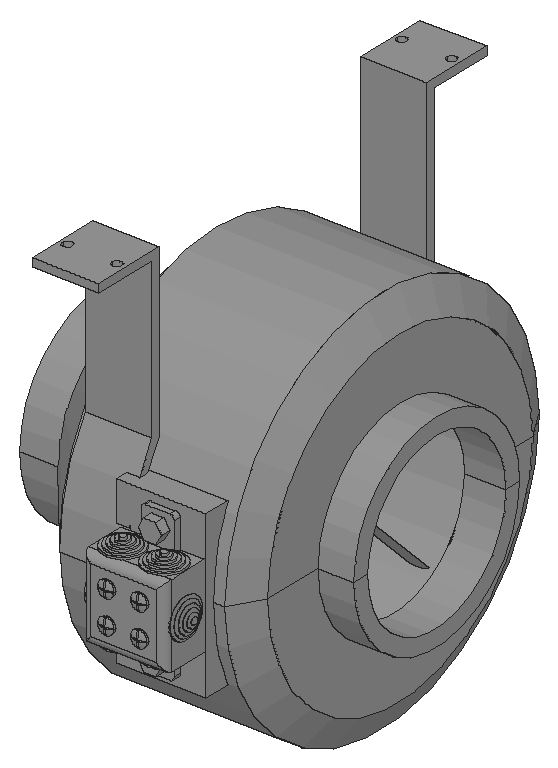
Revit family "ВКМц_Eng", category Mechanical Equipment, Revit 2021
Family settings
  Round Connector Dimension = Use Diameter
  Classification = None
  Part Type = Normal
  Work Plane-Based = No
  Always vertical = Yes
  Cut with Voids When Loaded = No
  Shared = No
  Room Calculation Point = No
Parameters (values of type "VKMz 125")
  Width = B1  # 293 mm
  Weight = 2.90 kg
  Voltage = 230 V
  Temperature of moving air = "-25...+55°C"
  Sound pressure level at 3 m distance = "46 dBA"
  Pressure_Static_Air = 0.0 Pa
  Power = 78 W
  Number of Fase = 1
  Maximum Air Flow [instance] = 92.0 L/s
  Load Classification = "HVAC"
  Length = L  # 202 mm
  Height = H1 + R1  # 287 mm
  Frequency = 50 Hz
  Diameter = Dy  # 125 mm
  Default Elevation = 0 mm
  Manufacturer = "Vents"  # constant formula
  URL = "https://ventilation-system.com/series/vkmz"
  Ry = Dy / 2  # 62.5 mm
  R2 = R1 + 5 mm  # 123.5 mm
  R1 = D1 / 2  # 118.5 mm
  L8 = L6 + 5 mm  # 92 mm
  L7 = L3 + 10 mm  # 40 mm
  L6 = L4 + 25 mm  # 87 mm
  L5 = L4 - 21.5 mm  # 40.5 mm
  L4 = L / 2 - L1 * 2 + 7 mm  # 62 mm
  L3 = 30 mm
  L2 = 22 mm
  L1 = 23 mm
  L = 202 mm
  H1 = D1 / 2 + 50 mm  # 168.5 mm
  Maintenance zone material = none
  Dy = 125 mm
  D2 = D1 - 25 mm  # 212 mm
  D1 = 237 mm
  Casing Material = Steel, galvanized
  B2 = B1 - 80 mm  # 213 mm
  B1 = 293 mm
  B = 253 mm
  Apparent Load = Amperage * Voltage  # 78.2 VA
  Amperage = 0.34 A
  Air Flow [instance] = 0.0 L/s
  09_System_Name [instance] = ""
  00_20_Type = "VKMz 125"
  00_20_Name = "Inline centrifugal fan"  # constant formula
  00_20_Manufacturer = "Vents"  # constant formula
Types (14, lengths in mm): name | Width | Weight | Temperature of moving air | Sound pressure level at 3 m distance | Power | Maximum Air Flow | Length | Height | Diameter | Ry | R2 | R1 | L8 | L7 | L6 | L5 | L4 | L3 | L2 | L1 | L | H1 | Dy | D2 | D1 | B2 | B1 | B | Apparent Load | Amperage | 00_20_Type
  (no name) | 293 | 2.90 kg | "-25...+55°C" | "46 dBA" | 78 W | 92.0 L/s | 202 | 287 | 125 | 62.5 | 123.5 | 118.5 | 92 | 40 | 87 | 40.5 | 62 | 30 | 22 | 23 | 202 | 168.5 | 125 | 212 | 237 | 213 | 293 | 253 | 78.2 VA | 0.34 A | "VKMz 125"
  VKMz 100 Q | 293 | 2.50 kg | "-25...+55°C" | "35 dBA" | 42 W | 64.0 L/s | 202 | 287 | 100 | 50 | 123.5 | 118.5 | 92 | 40 | 87 | 40.5 | 62 | 30 | 22 | 23 | 202 | 168.5 | 100 | 212 | 237 | 213 | 293 | 253 | 43.7 VA | 0.19 A | "VKMz 100 Q"
  VKMz 315 | 450 | 6.50 kg | "-25...+45°C" | "53 dBA" | 185 W | 428.0 L/s | 308 | 452 | 315 | 157.5 | 206 | 201 | 125 | 50 | 120 | 73.5 | 95 | 40 | 55 | 33 | 308 | 251 | 315 | 377 | 402 | 370 | 450 | 410 | 186.3 VA | 0.81 A | "VKMz 315"
  VKMz 100 | 293 | 2.80 kg | "-25...+55°C" | "46 dBA" | 62 W | 70.0 L/s | 202 | 287 | 100 | 50 | 123.5 | 118.5 | 92 | 40 | 87 | 40.5 | 62 | 30 | 22 | 23 | 202 | 168.5 | 100 | 212 | 237 | 213 | 293 | 253 | 64.4 VA | 0.28 A | "VKMz 100"
  VKMz 125 Q | 293 | 2.70 kg | "-25...+55°C" | "35 dBA" | 60 W | 64.0 L/s | 202 | 287 | 125 | 62.5 | 123.5 | 118.5 | 92 | 40 | 87 | 40.5 | 62 | 30 | 22 | 23 | 202 | 168.5 | 125 | 212 | 237 | 213 | 293 | 253 | 85.1 VA | 0.37 A | "VKMz 125 Q"
  VKMz 125 | 293 | 2.90 kg | "-25...+55°C" | "46 dBA" | 78 W | 92.0 L/s | 202 | 287 | 125 | 62.5 | 123.5 | 118.5 | 92 | 40 | 87 | 40.5 | 62 | 30 | 22 | 23 | 202 | 168.5 | 125 | 212 | 237 | 213 | 293 | 253 | 78.2 VA | 0.34 A | "VKMz 125"
  VKMz 150 | 330 | 3.20 kg | "-25...+50°C" | "44 dBA" | 64 W | 126.0 L/s | 170 | 324 | 150 | 75 | 142 | 137 | 82 | 40 | 77 | 30.5 | 52 | 30 | 20 | 20 | 170 | 187 | 150 | 249 | 274 | 250 | 330 | 290 | 66.7 VA | 0.29 A | "VKMz 150"
  VKMSz 150 | 395 | 4.80 kg | "-25...+60°C" | "48 dBA" | 127 W | 197.0 L/s | 230 | 395 | 150 | 75 | 177.5 | 172.5 | 112 | 50 | 107 | 60.5 | 82 | 40 | 20 | 20 | 230 | 222.5 | 150 | 320 | 345 | 315 | 395 | 355 | 128.8 VA | 0.56 A | "VKMSz 150"
  VKMz 160 | 334 | 3.20 kg | "-25...+55°C" | "46 dBA" | 78 W | 126.0 L/s | 200 | 328 | 160 | 80 | 144 | 139 | 87 | 40 | 82 | 35.5 | 57 | 30 | 23 | 25 | 200 | 189 | 160 | 253 | 278 | 254 | 334 | 294 | 78.2 VA | 0.34 A | "VKMz 160"
  VKMz 200 Q | 380 | 5.20 kg | "-25...+50°C" | "48 dBA" | 139 W | 233.0 L/s | 245 | 382 | 200 | 100 | 171 | 166 | 109.5 | 50 | 104.5 | 58 | 79.5 | 40 | 29 | 25 | 245 | 216 | 200 | 307 | 332 | 300 | 380 | 340 | 140.3 VA | 0.61 A | "VKMz 200 Q"
  VKMz 250 Q | 380 | 5.10 kg | "-25...+50°C" | "51 dBA" | 134 W | 272.0 L/s | 213 | 382 | 250 | 125 | 171 | 166 | 93.5 | 50 | 88.5 | 42 | 63.5 | 40 | 29 | 25 | 213 | 216 | 250 | 307 | 332 | 300 | 380 | 340 | 135.7 VA | 0.59 A | "VKMz 250 Q"
  VKMz 250 | 380 | 5.10 kg | "-25...+50°C" | "50 dBA" | 157 W | 278.0 L/s | 213 | 382 | 250 | 125 | 171 | 166 | 93.5 | 50 | 88.5 | 42 | 63.5 | 40 | 29 | 25 | 213 | 216 | 250 | 307 | 332 | 300 | 380 | 340 | 158.7 VA | 0.69 A | "VKMz 250"
  VKMz 315 Q | 450 | 6.50 kg | "-25...+50°C" | "52 dBA" | 151 W | 370.0 L/s | 308 | 452 | 315 | 157.5 | 206 | 201 | 125 | 50 | 120 | 73.5 | 95 | 40 | 55 | 33 | 308 | 251 | 315 | 377 | 402 | 370 | 450 | 410 | 151.8 VA | 0.66 A | "VKMz 315 Q"
  VKMz 200 | 380 | 5.20 kg | "-25...+50°C" | "50 dBA" | 157 W | 278.0 L/s | 245 | 382 | 200 | 100 | 171 | 166 | 109.5 | 50 | 104.5 | 58 | 79.5 | 40 | 29 | 25 | 245 | 216 | 200 | 307 | 332 | 300 | 380 | 340 | 158.7 VA | 0.69 A | "VKMz 200"
Reference planes
  plane 1 "По центру (Вперед/Назад)": y = 0
  plane 2: z = 0
  plane 3 "По центру (Влево/Вправо)": x = 0
  plane 4 "Вращение": z = -168.5
  plane 5 "Двигатель": y = -118.5
  plane 6: y = -126.5
  plane 7: y = 126.5
  plane 8: x = -92
  plane 9: x = -122
Forms (mm)
  Revolve 1, solid, material "Steel, galvanized"
    sketch origin (0, 0, -168.5) x (1, 0, 0) y (0, 1, 0)
      loop
        line (0, -52.5) -> (-24.889, -52.5) -> (-61.792, -108.5) -> (-121.172, -108.5) -> (-167, -52.5) -> (-202, -52.5) -> (-202, -62.5) -> (-179, -62.5) -> (-133.172, -118.5) -> (-32.981, -118.5) -> (-22, -100) -> (-22, -62.5) -> (0, -62.5) -> (0, -52.5)
      axis (0, 0) -> (-202, 0)
    angle from 0 to 360
  Extrusion 2, solid, material "Steel, galvanized"
    sketch origin (0, 0, 0) x (0, 1, 0) y (0, 0, 1)
      loop
        line (-107.435, -118.5) -> (-123.5, -118.5) -> (-123.5, -218.5) -> (-107.435, -218.5)
        arc (-107.435, -218.5) -> (-118.5, -168.5) -> (-107.435, -118.5) r 118.5
    from -94.5 to -40.5
  Extrusion 3, solid, material "Steel, galvanized"
    sketch origin (0, 0, 0) x (0, 1, 0) y (0, 0, 1)
      loop
        line (146.5, 0) -> (101.5, 0) -> (101.5, -112.625)
        arc (101.5, -112.625) -> (111.947, -139.699) -> (115.5, -168.5) r 118.5
        line (115.5, -168.5) -> (120.5, -168.5)
        arc (120.5, -168.5) -> (116.949, -139.098) -> (106.5, -111.386) r 123.5
        line (106.5, -111.386) -> (106.5, -5) -> (146.5, -5) -> (146.5, 0)
      loop
        line (-146.5, 0) -> (-146.5, -5) -> (-106.5, -5) -> (-106.5, -101.12)
        arc (-106.5, -101.12) -> (-121.394, -133.357) -> (-126.5, -168.5) r 123.5
        line (-126.5, -168.5) -> (-121.5, -168.5)
        arc (-121.5, -168.5) -> (-116.39, -134.076) -> (-101.5, -102.621) r 118.5
        line (-101.5, -102.621) -> (-101.5, 0) -> (-146.5, 0)
    from -127 to -87
  Extrusion 4, void
    sketch origin (0, 0, -168.5) x (1, 0, 0) y (0, 1, 0)
      loop
        circle (-122, 126.5) r 3
      loop
        circle (-92, 126.5) r 3
    from 163.5 to 168.5
  Extrusion 5, void
    sketch origin (0, 0, -168.5) x (1, 0, 0) y (0, 1, 0)
      loop
        circle (-122, -126.5) r 3
      loop
        circle (-92, -126.5) r 3
    from 163.5 to 168.5
Cuts and joins
  Extrusion 4, Extrusion 5 cuts Extrusion 3
Dimensions and locks
  "H1": plane 4 "Вращение" to level
  "Ry": Revolve 1 sketch curve to plane 1 "По центру (Вперед/Назад)"  (x2)
  "R1": Revolve 1 sketch curve to plane 1 "По центру (Вперед/Назад)"
  "L1": Revolve 1 sketch curve to Revolve 1 sketch curve
  "L2": Revolve 1 sketch curve to plane 3 "По центру (Влево/Вправо)"
  "L": Revolve 1 sketch curve to plane 3 "По центру (Влево/Вправо)"
  locked: Revolve 1 sketch curve to Revolve 1 sketch curve at 10  (x2)
  Revolve 1 sketch curve to Revolve 1 sketch curve = 10 mm
  "L4": plane 3 "По центру (Влево/Вправо)" to nested 1
  "L4": plane 3 "По центру (Влево/Вправо)" to nested 2
  "R1": plane 1 "По центру (Вперед/Назад)" to plane 5 "Двигатель"
  plane 4 "Вращение" to Extrusion 2 sketch curve = 50 mm  (x2)
  locked: plane 5 "Двигатель" to Extrusion 2 sketch curve at 5
  "L5": Extrusion 2 to plane 3 "По центру (Влево/Вправо)"
  locked: Extrusion 2 to Extrusion 2 at 54
  locked: Extrusion 2 to nested 3 at 28
  locked: level to Extrusion 3 sketch curve at 5
  locked: Extrusion 3 sketch curve to Extrusion 3 sketch curve at 5  (x3)
  equal spacing: Extrusion 3 sketch curve, plane 1 "По центру (Вперед/Назад)", Extrusion 3 sketch curve  (x2)
  "B1": Extrusion 3 sketch curve to Extrusion 3 sketch curve
  "L6": Extrusion 3 to plane 3 "По центру (Влево/Вправо)"
  equal spacing: plane 7, plane 1 "По центру (Вперед/Назад)", plane 6
  "B": plane 7 to plane 6
  "B2": Extrusion 3 sketch curve to Extrusion 3 sketch curve
  "L7": Extrusion 3 to Extrusion 3
  "L3": plane 9 to plane 8
  "L8": plane 8 to plane 3 "По центру (Влево/Вправо)"
  "R1": radius of Extrusion 2 sketch curve
  "R1": radius of Extrusion 3 sketch curve  (x2)
  "R2": radius of Extrusion 3 sketch curve  (x2)
  aligned and locked: level to plane 2
  aligned and locked: Revolve 1 sketch curve to plane 3 "По центру (Влево/Вправо)"
  aligned and locked: plane 4 "Вращение" to nested 1
  aligned and locked: nested 2 to plane 4 "Вращение"
  aligned and locked: plane 1 "По центру (Вперед/Назад)" to nested 2
  aligned and locked: nested 3 to plane 4 "Вращение"
  aligned and locked: level to Extrusion 3 sketch curve  (x2)
  aligned and locked: nested 3 to Extrusion 2
  aligned and locked: Revolve 1 to Extrusion 3 sketch curve
  aligned and locked: level to Extrusion 4
  aligned and locked: Extrusion 3 to Extrusion 4
  aligned and locked: level to Extrusion 5
  aligned and locked: Extrusion 3 to Extrusion 5
Automatic sketch dimensions
  Extrusion 4 sketch curve to plane 7 = 0 mm  (x2)
  Extrusion 4 sketch curve to plane 9 = 0 mm
  Extrusion 4 sketch curve to plane 8 = 0 mm
  Extrusion 5 sketch curve to plane 6 = 0 mm  (x2)
  Extrusion 5 sketch curve to plane 9 = 0 mm
  Extrusion 5 sketch curve to plane 8 = 0 mm
  plane 1 "По центру (Вперед/Назад)" to Revolve 1 sketch curve = 0 mm
  Revolve 1 sketch curve to Revolve 1 sketch curve = 12 mm
  plane 9 to Revolve 1 sketch curve = 11.172 mm
  Revolve 1 sketch curve to plane 9 = 0.828 mm
  plane 8 to Revolve 1 sketch curve = 30.208 mm
  Revolve 1 sketch curve to Revolve 1 sketch curve = 10.981 mm
  Revolve 1 sketch curve to Revolve 1 sketch curve = 2.889 mm
  plane 5 "Двигатель" to Revolve 1 sketch curve = 18.5 mm
  plane 9 to Revolve 1 sketch curve = 8.172 mm
  plane 8 to Revolve 1 sketch curve = 8.519 mm
  Extrusion 2 sketch curve to plane 1 "По центру (Вперед/Назад)" = 0 mm
  Extrusion 2 sketch curve to plane 4 "Вращение" = 0 mm
  Extrusion 3 sketch curve to Extrusion 3 sketch curve = 0 mm  (x4)
  Extrusion 3 sketch curve to plane 6 = 0 mm
  radius of Extrusion 4 sketch curve = 3 mm  (x2)
  radius of Extrusion 5 sketch curve = 3 mm  (x2)
Nested families
  nested 1: "Motor" at (-62, 0, -168.5) x (0, -1, 0) z (0, 0, 1), type "Motor"
    with Вес "", Pressure_Static_Air 0.0 L/s, Number of Fase 3, Maximum Air Flow 0.0 L/s, Air Flow 0.0 L/s, 09_System_Name "", 00_20_Type "", 00_20_Name ""
  nested 2: "Fan" at (-82, 0, -168.5) x (0, 0, -1) z (1, 0, 0), type "Fan"
    with R 106 mm, Dy 212 mm
  nested 3: "Electrical box" at (-66.5, -123.5, -168.5) x (1, 0, 0) z (0, -1, 0), type "50x50"
Connectors
  hvac at (-202, 0, -168.5), driven by "Dy"
    settings: on Revolve 1, index 1, duct flow 0.0 L/s, flow factor 0, pres drop 0.0 Pa, loss coef 0, conn angle 0.00°, conn width 304.8 mm, conn height 304.8 mm, conn diameter 125 mm, duct sys type 3, conn prof type 0, flow config 0, flow direction 2, loss method 0, conn ref index -1, conn util no, is conn primary yes, conn desc ""
  hvac at (0, 0, -168.5), driven by "Dy"
    settings: on Revolve 1, index 2, duct flow 0.0 L/s, flow factor 0, pres drop 0.0 Pa, loss coef 0, conn angle 0.00°, conn width 304.8 mm, conn height 304.8 mm, conn diameter 125 mm, duct sys type 3, conn prof type 0, flow config 0, flow direction 1, loss method 0, conn ref index -1, conn util no, is conn primary no, conn desc ""
  electrical at (-79, -138.5, -137.5), driven by "Voltage", driven by "Apparent Load"
    settings: on nested 3, index 3, voltage 230 V, apparent load 0 VA, apparent load phase1 78.2 VA, apparent load phase2 0 VA, apparent load phase3 0 VA, power factor 1, load classification "Мощность", number of poles 1, system type 31, power factor state 1, is connector primary yes, connector utility no, sub classification motor no, connector description ""
Definition of nested family "Motor"
  Parameters (values of type "Двигатель_42 Вт")
    Default Elevation = 0 mm
    Вес [instance] = ""
    r = R / 2  # 20 mm
    l2 = L - r  # 80 mm
    l1 = L1 + L2 + L3  # 25 mm
    Voltage = 400 V
    Tn = if(R < 150 mm, 20 mm, 30 mm)  # 20 mm
    R3 = R - 20 mm  # 20 mm
    R2 = if(L < 500 mm, 15 mm, 20 mm)  # 15 mm
    R1 = 50 mm
    R = R1 - R1 * 0.2  # 40 mm
    Pressure_Static_Air [instance] = 0.0 L/s
    Power = 42 W
    Number of Fase [instance] = 3
    N2 = R1 - R1 * 0.1  # 45 mm
    N1 = N - R3 + R3 / 15  # 33.833 mm
    N = R1 + R1 * 0.05  # 52.5 mm
    Maximum Air Flow [instance] = 0.0 L/s
    Maintenance zone material = none
    Load Classification = "HVAC"
    Ln = L - L1 - L2 - L3 - r  # 55 mm
    L4 = L / 3  # 33.333 mm
    L3 = R1 * 0.2  # 10 mm
    L2 = if(L < 500 mm, 10 mm, 50 mm)  # 10 mm
    L1 = R1 * 0.1  # 5 mm
    L = 100 mm
    H = R1 + 20 mm  # 70 mm
    Grid Material = none
    Casing Material = none
    Air Flow [instance] = 0.0 L/s
    09_System_Name [instance] = ""
    00_20_Type [instance] = ""
    00_20_Name [instance] = ""
    00_20_Manufacturer = "Вентс"  # constant formula
  Reference planes
    plane 1 "По центру (Вперед/Назад)": y = 0
    plane 2: z = 0
    plane 3 "По центру (Влево/Вправо)": x = 0
  Forms (mm)
    Revolve 1, solid
      sketch origin (0, -9.922, 0) x (0, 1, 0) y (0, 0, 1)
        loop
          line (9.922, 0) -> (9.922, 15) -> (-0.078, 15) -> (-0.078, 50) -> (-5.078, 50) -> (-5.078, 20) -> (-15.078, 20) -> (-15.078, 40) -> (-70.078, 40)
          arc (-70.078, 40) -> (-84.22, 34.142) -> (-90.078, 20) r 20
          line (-90.078, 20) -> (-90.078, 0) -> (9.922, 0)
        axis (-90.078, 0) -> (9.922, 0)
      angle from 0 to 360
    Extrusion 2, solid, not visible
      sketch origin (110.902, 0, 0) x (-1, 0, 0) y (0, 0, -1)
        loop
          line (36.329, 0) -> (36.329, -15) -> (69.075, -15) -> (69.075, 0) -> (36.329, 0)
      from 64 to 104
    Extrusion 3, solid, not visible
      sketch origin (0, 0, 0) x (1, 0, 0) y (0, 0, 1)
        loop
          line (12.436, 70) -> (42.549, 0) -> (58.878, 0) -> (28.765, 70) -> (12.436, 70)
      from 64 to 104
  Dimensions and locks
    "R2": Revolve 1 sketch curve to Revolve 1 sketch curve
    "R1": Revolve 1 sketch curve to Revolve 1 sketch curve
    "R": Revolve 1 sketch curve to Revolve 1 sketch curve
    "L2": Revolve 1 sketch curve to Revolve 1 sketch curve
    "L": plane 1 "По центру (Вперед/Назад)" to Revolve 1 sketch curve
    "L1": Revolve 1 sketch curve to Revolve 1 sketch curve
    "L3": Revolve 1 sketch curve to Revolve 1 sketch curve
    "R3": Revolve 1 sketch curve to Revolve 1 sketch curve
    Extrusion 3 sketch curve to Extrusion 3 sketch curve = 15 mm
    Extrusion 2 sketch curve to Extrusion 2 sketch curve = 15 mm
    "r": radius of Revolve 1 sketch curve
    aligned and locked: level to plane 2
    aligned and locked: Revolve 1 sketch curve to plane 1 "По центру (Вперед/Назад)"
  Automatic sketch dimensions
    Extrusion 2 sketch curve to Extrusion 2 sketch curve = 32.746 mm
    Extrusion 3 sketch curve to Extrusion 3 sketch curve = 16.329 mm
    Extrusion 3 sketch curve to Extrusion 3 sketch curve = 13.785 mm
    Revolve 1 sketch curve to level = 0 mm  (x2)
    Revolve 1 sketch curve to Revolve 1 sketch curve = 15.5 mm
    Revolve 1 sketch curve to Revolve 1 sketch curve = 16.5 mm
Definition of nested family "Fan"
  Parameters (values of type "Вентилятор")
    Default Elevation = 0 mm
    n = 8
    R = Dy / 2  # 115 mm
    Dy = 230 mm
  Reference planes
    plane 1 "По центру (Вперед/Назад)": y = 0
    plane 2: z = 0
    plane 3 "По центру (Влево/Вправо)": x = 0
  Forms (mm)
    Extrusion 1, solid
      sketch origin (0, 0, 0) x (1, 0, 0) y (0, 1, 0)
        loop
          circle (0, 0) r 20
      from 0 to 20
    Extrusion 2, solid
      sketch origin (5, 0, 0) x (1, 0, 0) y (0, 0, 1)
        loop
          arc (-3.75, 2.664) -> (-4.659, 10.141) -> (-5, 17.664) r 99.365
          arc (-5, 17.664) -> (-6.25, 10.164) -> (-5, 2.664) r 23.125
          line (-5, 2.664) -> (-3.75, 2.664)
      from 40 to 115 <- "R"
    Extrusion 3, solid
      sketch origin (0, 0, 0) x (1, 0, 0) y (0, 0, 1)
        loop
          circle (0, 10) r 1.976
      from 20 to 40
    Extrusion 4, solid
      sketch origin (3.536, -3.536, 0) x (0.707107, -0.707107, 0) y (0, 0, 1)
        loop
          arc (-3.75, 2.664) -> (-4.659, 10.141) -> (-5, 17.664) r 99.365
          arc (-5, 17.664) -> (-6.25, 10.164) -> (-5, 2.664) r 23.125
          line (-5, 2.664) -> (-3.75, 2.664)
      from 40 to 115 <- "R"
    Extrusion 5, solid
      sketch origin (0, 0, 0) x (0.707107, -0.707107, 0) y (0, 0, 1)
        loop
          circle (0, 10) r 1.976
      from 20 to 40
    Extrusion 6, solid
      sketch origin (3.536, 3.536, 0) x (0.707107, 0.707107, 0) y (0, 0, 1)
        loop
          arc (-3.75, 2.664) -> (-4.659, 10.141) -> (-5, 17.664) r 99.365
          arc (-5, 17.664) -> (-6.25, 10.164) -> (-5, 2.664) r 23.125
          line (-5, 2.664) -> (-3.75, 2.664)
      from 40 to 115 <- "R"
    Extrusion 7, solid
      sketch origin (0, 0, 0) x (0.707107, 0.707107, 0) y (0, 0, 1)
        loop
          circle (0, 10) r 1.976
      from 20 to 40
    Extrusion 8, solid
      sketch origin (0, 5, 0) x (0, 1, 0) y (0, 0, 1)
        loop
          arc (-3.75, 2.664) -> (-4.659, 10.141) -> (-5, 17.664) r 99.365
          arc (-5, 17.664) -> (-6.25, 10.164) -> (-5, 2.664) r 23.125
          line (-5, 2.664) -> (-3.75, 2.664)
      from 40 to 115 <- "R"
    Extrusion 9, solid
      sketch origin (0, 0, 0) x (0, 1, 0) y (0, 0, 1)
        loop
          circle (0, 10) r 1.976
      from 20 to 40
    Extrusion 10, solid
      sketch origin (-3.536, 3.536, 0) x (-0.707107, 0.707107, 0) y (0, 0, 1)
        loop
          arc (-3.75, 2.664) -> (-4.659, 10.141) -> (-5, 17.664) r 99.365
          arc (-5, 17.664) -> (-6.25, 10.164) -> (-5, 2.664) r 23.125
          line (-5, 2.664) -> (-3.75, 2.664)
      from 40 to 115 <- "R"
    Extrusion 11, solid
      sketch origin (0, 0, 0) x (-0.707107, 0.707107, 0) y (0, 0, 1)
        loop
          circle (0, 10) r 1.976
      from 20 to 40
    Extrusion 12, solid
      sketch origin (-5, 0, 0) x (-1, 0, 0) y (0, 0, 1)
        loop
          arc (-3.75, 2.664) -> (-4.659, 10.141) -> (-5, 17.664) r 99.365
          arc (-5, 17.664) -> (-6.25, 10.164) -> (-5, 2.664) r 23.125
          line (-5, 2.664) -> (-3.75, 2.664)
      from 40 to 115 <- "R"
    Extrusion 13, solid
      sketch origin (0, 0, 0) x (-1, 0, 0) y (0, 0, 1)
        loop
          circle (0, 10) r 1.976
      from 20 to 40
    Extrusion 14, solid
      sketch origin (-3.536, -3.536, 0) x (-0.707107, -0.707107, 0) y (0, 0, 1)
        loop
          arc (-3.75, 2.664) -> (-4.659, 10.141) -> (-5, 17.664) r 99.365
          arc (-5, 17.664) -> (-6.25, 10.164) -> (-5, 2.664) r 23.125
          line (-5, 2.664) -> (-3.75, 2.664)
      from 40 to 115 <- "R"
    Extrusion 15, solid
      sketch origin (0, 0, 0) x (-0.707107, -0.707107, 0) y (0, 0, 1)
        loop
          circle (0, 10) r 1.976
      from 20 to 40
    Extrusion 16, solid
      sketch origin (0, -5, 0) x (0, -1, 0) y (0, 0, 1)
        loop
          arc (-3.75, 2.664) -> (-4.659, 10.141) -> (-5, 17.664) r 99.365
          arc (-5, 17.664) -> (-6.25, 10.164) -> (-5, 2.664) r 23.125
          line (-5, 2.664) -> (-3.75, 2.664)
      from 40 to 115 <- "R"
    Extrusion 17, solid
      sketch origin (0, 0, 0) x (0, -1, 0) y (0, 0, 1)
        loop
          circle (0, 10) r 1.976
      from 20 to 40
  Dimensions and locks
    aligned and locked: level to plane 2
    aligned and locked: Extrusion 2 to Extrusion 3
    aligned and locked: Extrusion 5 to Extrusion 4
    aligned and locked: Extrusion 7 to Extrusion 6
    aligned and locked: Extrusion 9 to Extrusion 8
    aligned and locked: Extrusion 11 to Extrusion 10
    aligned and locked: Extrusion 13 to Extrusion 12
    aligned and locked: Extrusion 15 to Extrusion 14
    aligned and locked: Extrusion 16 to Extrusion 17
  Automatic sketch dimensions
    Extrusion 12 sketch curve to Extrusion 12 sketch curve = 1.25 mm
    Extrusion 12 sketch curve to Extrusion 12 sketch curve = 20.625 mm
    Extrusion 12 sketch curve to Extrusion 12 sketch curve = 77.487 mm
    Extrusion 12 sketch curve to Extrusion 12 sketch curve = 7.5 mm
    Extrusion 12 sketch curve to Extrusion 12 sketch curve = 8.228 mm
    Extrusion 2 sketch curve to Extrusion 2 sketch curve = 1.25 mm
    Extrusion 2 sketch curve to Extrusion 2 sketch curve = 20.625 mm
    Extrusion 2 sketch curve to Extrusion 2 sketch curve = 77.487 mm
    Extrusion 2 sketch curve to Extrusion 2 sketch curve = 7.5 mm
    Extrusion 2 sketch curve to Extrusion 2 sketch curve = 8.228 mm
    Extrusion 4 sketch curve to Extrusion 4 sketch curve = 1.25 mm
    Extrusion 4 sketch curve to Extrusion 4 sketch curve = 20.625 mm
    Extrusion 4 sketch curve to Extrusion 4 sketch curve = 77.487 mm
    Extrusion 4 sketch curve to Extrusion 4 sketch curve = 7.5 mm
    Extrusion 4 sketch curve to Extrusion 4 sketch curve = 8.228 mm
    Extrusion 6 sketch curve to Extrusion 6 sketch curve = 1.25 mm
    Extrusion 6 sketch curve to Extrusion 6 sketch curve = 20.625 mm
    Extrusion 6 sketch curve to Extrusion 6 sketch curve = 77.487 mm
    Extrusion 6 sketch curve to Extrusion 6 sketch curve = 7.5 mm
    Extrusion 6 sketch curve to Extrusion 6 sketch curve = 8.228 mm
    Extrusion 8 sketch curve to Extrusion 8 sketch curve = 1.25 mm
    Extrusion 8 sketch curve to Extrusion 8 sketch curve = 20.625 mm
    Extrusion 8 sketch curve to Extrusion 8 sketch curve = 77.487 mm
    Extrusion 8 sketch curve to Extrusion 8 sketch curve = 7.5 mm
    Extrusion 8 sketch curve to Extrusion 8 sketch curve = 8.228 mm
    Extrusion 10 sketch curve to Extrusion 10 sketch curve = 1.25 mm
    Extrusion 10 sketch curve to Extrusion 10 sketch curve = 20.625 mm
    Extrusion 10 sketch curve to Extrusion 10 sketch curve = 77.487 mm
    Extrusion 10 sketch curve to Extrusion 10 sketch curve = 7.5 mm
    Extrusion 10 sketch curve to Extrusion 10 sketch curve = 8.228 mm
    Extrusion 14 sketch curve to Extrusion 14 sketch curve = 1.25 mm
    Extrusion 14 sketch curve to Extrusion 14 sketch curve = 20.625 mm
    Extrusion 14 sketch curve to Extrusion 14 sketch curve = 77.487 mm
    Extrusion 14 sketch curve to Extrusion 14 sketch curve = 7.5 mm
    Extrusion 14 sketch curve to Extrusion 14 sketch curve = 8.228 mm
    Extrusion 16 sketch curve to Extrusion 16 sketch curve = 1.25 mm
    Extrusion 16 sketch curve to Extrusion 16 sketch curve = 20.625 mm
    Extrusion 16 sketch curve to Extrusion 16 sketch curve = 77.487 mm
    Extrusion 16 sketch curve to Extrusion 16 sketch curve = 7.5 mm
    Extrusion 16 sketch curve to Extrusion 16 sketch curve = 8.228 mm
    plane 1 "По центру (Вперед/Назад)" to Extrusion 1 sketch curve = 0 mm
    Extrusion 1 sketch curve to plane 3 "По центру (Влево/Вправо)" = 0 mm
    radius of Extrusion 13 sketch curve = 1.976 mm
    radius of Extrusion 3 sketch curve = 1.976 mm
    radius of Extrusion 5 sketch curve = 1.976 mm
    radius of Extrusion 7 sketch curve = 1.976 mm
    radius of Extrusion 9 sketch curve = 1.976 mm
    radius of Extrusion 11 sketch curve = 1.976 mm
    radius of Extrusion 15 sketch curve = 1.976 mm
    radius of Extrusion 17 sketch curve = 1.976 mm
    radius of Extrusion 1 sketch curve = 20 mm
Definition of nested family "Electrical box"
  Parameters (values of type "50x50")
    Ш1 = Ш / 2 - 15 mm  # 10 mm
    Ш = 50 mm
    Default Elevation = 0 mm
    Д1 = Д / 2 - 15 mm  # 10 mm
    Д = 50 mm
    Л = Д / 4  # 12.5 mm
    h = H / 2  # 15 mm
    H = 30 mm
  Types (5, lengths in mm): name | Ш1 | Ш | Д1 | Д | Л | h | H
    100х100 | 10 | 50 | 10 | 50 | 12.5 | 25 | 50
    200Х200 | 85 | 200 | 85 | 200 | 50 | 25 | 50
    75х75 | 22.5 | 75 | 22.5 | 75 | 18.75 | 25 | 50
    Клемная коробка | 35 | 100 | 35 | 100 | 25 | 25 | 50
    50x50 | 10 | 50 | 10 | 50 | 12.5 | 15 | 30
  Reference planes
    plane 1 "По центру (Вперед/Назад)": y = 0
    plane 2: z = 0
    plane 3 "По центру (Влево/Вправо)": x = 0
  Forms (mm)
    Extrusion 1, solid
      sketch origin (0, 0, 0) x (1, 0, 0) y (0, 1, 0)
        loop
          line (-25, 25) -> (-25, -25) -> (25, -25) -> (25, 25) -> (-25, 25)
      from 0 to 30 <- "H"
    Sweep 2, void
      path in 3D
        loop
          line (-25, 25, 30) -> (-25, -25, 30) -> (25, -25, 30) -> (25, 25, 30) -> (-25, 25, 30)
      profile origin (0, 25, 30) x (0, -1, 0) y (0, 0, 1)
        loop
          line (5, 0) -> (0, 0) -> (0, -5)
          arc (0, -5) -> (1.464, -1.464) -> (5, 0) r 5
    Extrusion 3, solid
      sketch origin (0, 0, 0) x (1, 0, 0) y (0, 1, 0)
        loop
          line (10, 25) -> (10, 42.359)
          arc (10, 42.359) -> (9.227, 44.227) -> (7.359, 45) r 2.641
          line (7.359, 45) -> (-7.359, 45)
          arc (-7.359, 45) -> (-9.227, 44.227) -> (-10, 42.359) r 2.641
          line (-10, 42.359) -> (-10, 25) -> (10, 25)
        loop
          circle (0, 35.711) r 4
        loop
          line (10, -25) -> (-10, -25) -> (-10, -42.359)
          arc (-10, -42.359) -> (-9.227, -44.227) -> (-7.359, -45) r 2.641
          line (-7.359, -45) -> (7.359, -45)
          arc (7.359, -45) -> (9.227, -44.227) -> (10, -42.359) r 2.641
          line (10, -42.359) -> (10, -25)
        loop
          circle (0, -35.711) r 4
      from 0 to 4
    Extrusion 4, void
      sketch origin (0, 0, 0) x (0, 1, 0) y (0, 0, 1)
        loop
          circle (0, 15) r 10
      from -25 to -20
    Extrusion 5, void
      sketch origin (0, 0, 0) x (0, 1, 0) y (0, 0, 1)
        loop
          circle (0, 15) r 10
      from 20 to 25
    Extrusion 6, void
      sketch origin (0, 0, 0) x (1, 0, 0) y (0, 0, 1)
        loop
          circle (12.5, 15) r 10
        loop
          circle (-12.5, 15) r 10
      from 20 to 25
    Extrusion 7, void
      sketch origin (0, 0, 0) x (1, 0, 0) y (0, 0, 1)
        loop
          circle (12.5, 15) r 10
        loop
          circle (-12.5, 15) r 10
      from -25 to -20
    Extrusion 8, solid
      sketch origin (0, 0, 0) x (1, 0, 0) y (0, 1, 0)
        loop
          line (3.491, 29.664) -> (6.982, 35.711) -> (3.491, 41.759) -> (-3.491, 41.759) -> (-6.982, 35.711) -> (-3.491, 29.664) -> (3.491, 29.664)
        loop
          line (3.491, -29.664) -> (-3.491, -29.664) -> (-6.982, -35.711) -> (-3.491, -41.759) -> (3.491, -41.759) -> (6.982, -35.711) -> (3.491, -29.664)
      from 4 to 10
  Cuts and joins
    Sweep 2, Extrusion 4, Extrusion 5, Extrusion 6, Extrusion 7 cuts Extrusion 1
  Lines and regions (mm)
    sketch lines
      curve 1: line (25, 25, 30) -> (-25, 25, 30)
      curve 2: line (25, -25, 30) -> (25, 25, 30)
      curve 3: line (-25, -25, 30) -> (25, -25, 30)
      curve 4: line (-25, 25, 30) -> (-25, -25, 30)
  Dimensions and locks
    "Д": Extrusion 1 sketch curve to Extrusion 1 sketch curve
    "Ш": Extrusion 1 sketch curve to Extrusion 1 sketch curve
    equal spacing: Extrusion 1 sketch curve, plane 3 "По центру (Влево/Вправо)", Extrusion 1 sketch curve
    equal spacing: Extrusion 1 sketch curve, plane 1 "По центру (Вперед/Назад)", Extrusion 1 sketch curve
    "Д1": nested 2 to plane 3 "По центру (Влево/Вправо)"
    "Д1": plane 3 "По центру (Влево/Вправо)" to nested 1
    "Д1": nested 4 to plane 3 "По центру (Влево/Вправо)"
    "Д1": plane 3 "По центру (Влево/Вправо)" to nested 3
    "Ш1": nested 3 to plane 1 "По центру (Вперед/Назад)"
    "Ш1": plane 1 "По центру (Вперед/Назад)" to nested 1
    "Ш1": nested 4 to plane 1 "По центру (Вперед/Назад)"
    "Ш1": plane 1 "По центру (Вперед/Назад)" to nested 2
    Extrusion 3 sketch curve to Extrusion 3 sketch curve = 20 mm  (x3)
    equal spacing: Extrusion 3 sketch curve, plane 1 "По центру (Вперед/Назад)", Extrusion 3 sketch curve
    "Ш": Extrusion 3 sketch curve to Extrusion 3 sketch curve
    "h": Extrusion 4 sketch curve to level
    "h": Extrusion 5 sketch curve to level
    "h": level to Extrusion 6 sketch curve  (x2)
    "Л": plane 3 "По центру (Влево/Вправо)" to Extrusion 6 sketch curve
    "Л": Extrusion 6 sketch curve to plane 3 "По центру (Влево/Вправо)"
    "h": level to Extrusion 7 sketch curve  (x2)
    "Л": Extrusion 7 sketch curve to plane 3 "По центру (Влево/Вправо)"
    "Л": plane 3 "По центру (Влево/Вправо)" to Extrusion 7 sketch curve
    locked: Extrusion 3 to Extrusion 8 at 6
    "h": level to nested 5
    "h": level to nested 6
    "Л": nested 8 to plane 3 "По центру (Влево/Вправо)"
    "Л": nested 7 to plane 3 "По центру (Влево/Вправо)"
    locked: Extrusion 3 to Extrusion 8 sketch curve at 4.664  (x2)
    radius of Extrusion 7 sketch curve = 10 mm
    aligned and locked: level to plane 2
    aligned and locked: Extrusion 1 to Extrusion 4
    aligned and locked: Sweep 2 to Extrusion 4
    aligned and locked: Extrusion 1 to Extrusion 5
    aligned and locked: Sweep 2 to Extrusion 5
    aligned and locked: Extrusion 1 to Extrusion 6
    aligned and locked: Extrusion 6 to Sweep 2
    aligned and locked: Extrusion 1 to Extrusion 7
    aligned and locked: Extrusion 7 to Sweep 2
    aligned and locked: Extrusion 8 to Extrusion 3
    aligned and locked: plane 1 "По центру (Вперед/Назад)" to nested 5
    aligned and locked: nested 5 to cut or joined group of Extrusion 1, Sweep 2, Extrusion 4, Extrusion 5, Extrusion 6, Extrusion 7
    aligned and locked: nested 6 to plane 1 "По центру (Вперед/Назад)"
    aligned and locked: cut or joined group of Extrusion 1, Sweep 2, Extrusion 4, Extrusion 5, Extrusion 6, Extrusion 7 to nested 6
    aligned and locked: cut or joined group of Extrusion 1, Sweep 2, Extrusion 4, Extrusion 5, Extrusion 6, Extrusion 7 to nested 7
    aligned and locked: nested 8 to cut or joined group of Extrusion 1, Sweep 2, Extrusion 4, Extrusion 5, Extrusion 6, Extrusion 7
  Automatic sketch dimensions
    Sweep 2 sketch curve to profile plane = 0 mm  (x2)
    Sweep 2 sketch curve to profile plane = 5 mm
    Extrusion 8 sketch curve to plane 3 "По центру (Влево/Вправо)" = 6.982 mm  (x2)
    Extrusion 8 sketch curve to plane 3 "По центру (Влево/Вправо)" = 3.491 mm  (x4)
    plane 3 "По центру (Влево/Вправо)" to Extrusion 8 sketch curve = 3.491 mm  (x4)
    Extrusion 8 sketch curve to Extrusion 8 sketch curve = 3.491 mm  (x2)
    Extrusion 8 sketch curve to Extrusion 8 sketch curve = 6.047 mm  (x6)
    Extrusion 3 sketch curve to plane 3 "По центру (Влево/Вправо)" = 0 mm  (x2)
    Extrusion 3 sketch curve to plane 3 "По центру (Влево/Вправо)" = 7.359 mm  (x2)
    Extrusion 3 sketch curve to plane 3 "По центру (Влево/Вправо)" = 10 mm  (x2)
    plane 3 "По центру (Влево/Вправо)" to Extrusion 3 sketch curve = 7.359 mm
    Extrusion 3 sketch curve to Extrusion 3 sketch curve = 2.641 mm  (x2)
    Extrusion 3 sketch curve to Extrusion 3 sketch curve = 6.648 mm  (x2)
    Extrusion 4 sketch curve to plane 1 "По центру (Вперед/Назад)" = 0 mm
    Extrusion 5 sketch curve to plane 1 "По центру (Вперед/Назад)" = 0 mm
    radius of Extrusion 3 sketch curve = 4 mm  (x2)
    radius of Extrusion 4 sketch curve = 10 mm
    radius of Extrusion 5 sketch curve = 10 mm
    radius of Extrusion 6 sketch curve = 10 mm  (x2)
    radius of Extrusion 7 sketch curve = 10 mm
  Nested families
    nested 1: "Винт" at (10, 10, 30), built-in parameter 1001364 <- "H", type "Винт"
    nested 2: "Винт" at (-10, 10, 30), built-in parameter 1001364 <- "H", type "Винт"
    nested 3: "Винт" at (10, -10, 30), built-in parameter 1001364 <- "H", type "Винт"
    nested 4: "Винт" at (-10, -10, 30), built-in parameter 1001364 <- "H", type "Винт"
    nested 5: "Заглушка" at (21, 0, 15) x (0, 0, -1) z (1, 0, 0), built-in parameter 1001360 <- "h", type "Заглушка"
    nested 6: "Заглушка" at (-21, 0, 15) x (0, 0, -1) z (-1, 0, 0), built-in parameter 1001360 <- "h", type "Заглушка"
    nested 7: "Заглушка" at (-12.5, 21, 15) x (0, 0, -1) z (0, 1, 0), built-in parameter 1001360 <- "h", type "Заглушка"
    nested 8: "Заглушка" at (-12.5, -21, 15) x (0, 0, -1) z (0, -1, 0), built-in parameter 1001360 <- "h", type "Заглушка"
    nested 9: "Заглушка" at (12.5, 21, 15) x (0, 0, -1) z (0, 1, 0), built-in parameter 1001360 <- "h", type "Заглушка"
    nested 10: "Заглушка" at (12.5, -21, 15) x (0, 0, -1) z (0, -1, 0), built-in parameter 1001360 <- "h", type "Заглушка"
  Definition of nested family "Винт"
    Parameters (values of type "Винт")
      Default Elevation = 0 mm
    Reference planes
      plane 1 "По центру (Вперед/Назад)": y = 0
      plane 2: z = 0
      plane 3 "По центру (Влево/Вправо)": x = 0
    Forms (mm)
      Revolve 1, solid
        sketch origin (0, 0, 0) x (1, 0, 0) y (0, 0, 1)
          loop
            line (0, -20) -> (2.5, -20) -> (2.5, 0) -> (5, 0) -> (5, 0.988)
            arc (5, 0.988) -> (2.589, 1.966) -> (0, 2.235) r 9.254
            line (0, 2.235) -> (0, -20)
          axis (0, 2.235) -> (0, -20)
        angle from 0 to 360
      Extrusion 2, void
        sketch origin (0, -0.137, 0) x (1, 0, 0) y (0, 1, 0)
          loop
            line (-0.439, -5.142) -> (0.455, -5.142) -> (0.455, -0.343) -> (5.265, -0.343) -> (5.265, 0.594) -> (0.455, 0.594) -> (0.455, 5.38) -> (-0.439, 5.38) -> (-0.439, 0.594) -> (-5.291, 0.594) -> (-5.291, -0.343) -> (-0.439, -0.343) -> (-0.439, -5.142)
        from 0.988 to 3.071
    Cuts and joins
      Extrusion 2 cuts Revolve 1
    Dimensions and locks
      aligned and locked: level to plane 2
      aligned and locked: Extrusion 2 to Revolve 1
  Definition of nested family "Заглушка"
    Parameters (values of type "Заглушка")
      Default Elevation = 0 mm
    Reference planes
      plane 1 "По центру (Вперед/Назад)": y = 0
      plane 2: z = 0
      plane 3 "По центру (Влево/Вправо)": x = 0
    Forms (mm)
      Extrusion 1, solid
        sketch origin (0, 0, 0) x (1, 0, 0) y (0, 1, 0)
          loop
            circle (0, 0) r 12
        from 4 to 5
      Extrusion 2, solid
        sketch origin (0, 0, 0) x (1, 0, 0) y (0, 1, 0)
          loop
            circle (0, 0) r 10
        from 5 to 6
      Extrusion 3, solid
        sketch origin (0, 0, 0) x (1, 0, 0) y (0, 1, 0)
          loop
            circle (0, 0) r 8
        from 6 to 7
      Extrusion 4, solid
        sketch origin (0, 0, 0) x (1, 0, 0) y (0, 1, 0)
          loop
            circle (0, 0) r 6
        from 7 to 8
      Extrusion 5, solid
        sketch origin (0, 0, 0) x (1, 0, 0) y (0, 1, 0)
          loop
            circle (0, 0) r 4
        from 8 to 9
      Extrusion 6, solid
        sketch origin (0, 0, 0) x (1, 0, 0) y (0, 1, 0)
          loop
            circle (0, 0) r 2
        from 9 to 10
    Dimensions and locks
      aligned and locked: level to plane 2
